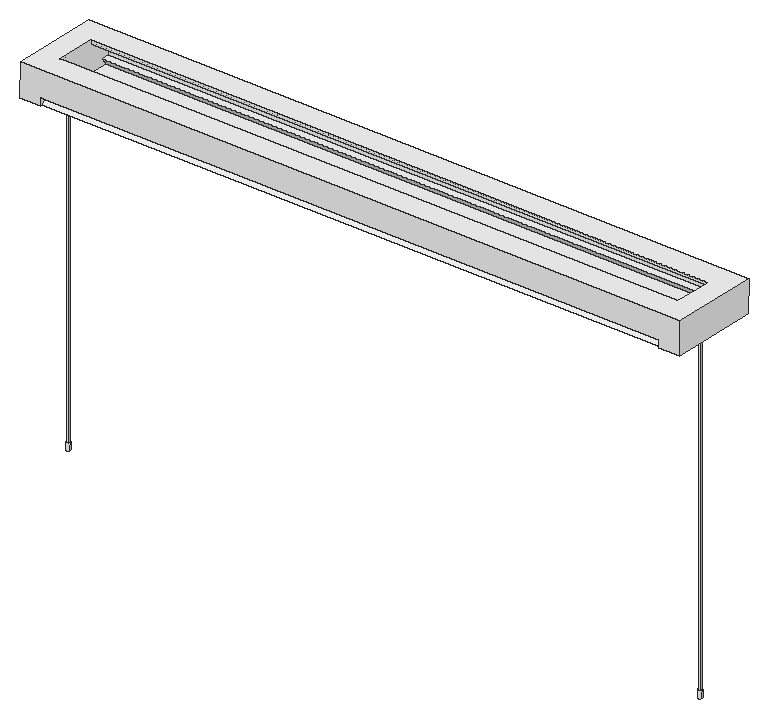
Revit family "Rail-P", category Lighting Fixtures, host Face, Revit 2014
Parameters (values of type "Rail-P-04")
  Wattage = 2.5 W
  Warranty = "5-Years Warranty"
  built-in parameter 1150110 = 1 (stored number, unit not read)
  Voltage = 120 V
  Uplight distribution = "Standard/Low Peak Angle"  # constant formula
  Type Comments = "Lighting Fixture"  # constant formula
  built-in parameter 1114217 = 1 (stored number, unit not read)
  Tilt Angle = -90.00°
  built-in parameter 1150109 = 1 (stored number, unit not read)
  built-in parameter 1150134 = (empty or 0)
  built-in parameter 1150113 = 1 (stored number, unit not read)
  Product Page URL = "https://www.hubbell.com/litecontrol/en/Products/Lighting-Controls/Commercial-Indoor-Lighting/Pendant-Lighting/Rail-LED-Pendant-IndirectDirect/p/277699"
  Product Documentation Link = "https://hubbellcdn.com/specsheet/12l_p.pdf"
  Power Factor = 1
  Photometric Web File = "11L-P-ID-LPA-04-SOF-Cx-35K-I025-D015.ies"
  Photometric Notes = "More IES files download on Photometric Link"  # constant formula
  Photometric Link = "https://www.hubbell.com/litecontrol/en/Products/Lighting-Controls/Commercial-Indoor-Lighting/Pendant-Lighting/Rail-LED-Pendant-IndirectDirect/p/277699"
  Pendant Height [instance] = 2' - 0"
  zz Length 1 = 4' - 0"
  Wattage Comments = ""
  URL = "https://www.hubbell.com/litecontrol/en/"
  Mounting = "Pendant"  # constant formula
  Model = "Rail-12L"  # constant formula
  Manufacturer = "Litecontrol Lighting"  # constant formula
  built-in parameter 1150105 = 23.674 (stored number, unit not read)
  Lumens = 297.5 lm
  built-in parameter 1150115 = 1 (stored number, unit not read)
  Load Classification = Lighting
  built-in parameter 1150137 = (empty or 0)
  built-in parameter 1150139 = (empty or 0)
  built-in parameter 1150112 = 1 (stored number, unit not read)
  built-in parameter 1150114 = 1 (stored number, unit not read)
  Lamp = "LED"  # constant formula
  built-in parameter 1150132 = (empty or 0)
  built-in parameter 1150102 = (empty or 0)
  built-in parameter 1150107 = 3500 (stored number, unit not read)
  built-in parameter 1150138 = (empty or 0)
  built-in parameter 1150106 = 0.23674 (stored number, unit not read)
  Glass = Glass - Hubbell - White
  Fixture Distribution = "Indirect/Direct"  # constant formula
  Emit from Rectangle Width = zz Length 1 - 0' 4"  # 3' - 8"
  Emit from Rectangle Length = 0' - 2 1/2"  # constant formula
  Emit Shape Visible in Rendering = no
  built-in parameter 1150104 = 11.055 (stored number, unit not read)
  Downlight Diffuser = "Soft Glow Lens/Blade Baffle with Overlay"  # constant formula
  Dimming Lamp Color Temperature Shift = <None>
  Description = "Rail LED Pendant Indirect/Direct"  # constant formula
  Default Elevation = 4' - 0"
  Create Date = "05/22/2018"  # constant formula
  Copyright = "Copyright © 2018 Litecontrol"  # constant formula
  Contact Us = "https://www.hubbell.com/litecontrol/en/contactUs"
  Color Filter = 16777215
  built-in parameter 1114218 = 1 (stored number, unit not read)
  Housing Material = Paint - Hubbell - Matte White
  built-in parameter 1150133 = 10 (stored number, unit not read)
  Assembly Code = "D5020200"
  Apparent Load = 0 VA
Types (5): name | zz Length 1 | Emit from Rectangle Width
  (no name) | 4' - 0" | 3' - 8"
  Rail-P-04 | 4' - 0" | 3' - 8"
  Rail-P-03 | 3' - 0" | 2' - 8"
  Rail-P-06 | 6' - 0" | 5' - 8"
  Rail-P-08 | 8' - 0" | 7' - 8"
Reference planes (in)
  plane 1 "Center (Front/Back)": y = 13.01342
  plane 2: z = 0
  plane 3 "Center (Left/Right)": x = 0
  plane 4: z = 24
  plane 5: x = -24
  plane 6: x = 24
  plane 7: x = -23
  plane 8: x = 23
  plane 9: z = 0.5
  plane 10: z = 25
Forms (in)
  Revolve 1, solid, material "Paint - Hubbell - Matte White" <- "Housing Material"
    sketch origin (-5.75, 13.01342, 0) x (-1, 0, 0) y (0, 0, 1)
      loop
        line (-28.75, 24) -> (-28.75, 0) -> (-28.625, 0) -> (-28.625, 0.5) -> (-28.6875, 0.5) -> (-28.6875, 23.5) -> (-28.625, 23.5) -> (-28.625, 24) -> (-28.75, 24)
      axis (-28.75, 24) -> (-28.75, 0)
    angle from 0 to 360
  Revolve 2, solid, material "Paint - Hubbell - Matte White" <- "Housing Material"
    sketch origin (5.75, 13.01342, 0) x (1, 0, 0) y (0, 0, 1)
      loop
        line (-28.75, 24) -> (-28.75, 0) -> (-28.625, 0) -> (-28.625, 0.5) -> (-28.6875, 0.5) -> (-28.6875, 23.5) -> (-28.625, 23.5) -> (-28.625, 24) -> (-28.75, 24)
      axis (-28.75, 24) -> (-28.75, 0)
    angle from 0 to 360
Dimensions and locks (in)
  "Pendant Height": plane 4 to level
  equal spacing: plane 6, plane 3 "Center (Left/Right)", plane 5
  "zz Length 1": plane 6 to plane 5
  locked: plane 9 to plane 2 at 0.5
  locked: plane 7 to plane 5 at 1
  plane 6 to plane 8 = 0' - 1"
  locked: plane 10 to plane 4 at 1
  aligned and locked: plane 2 to host face
  aligned and locked: level to host face
  aligned and locked: Revolve 1 sketch curve to Revolve 1 sketch curve
  aligned and locked: Revolve 1 sketch curve to plane 8
  aligned and locked: Revolve 1 sketch curve to level
  aligned and locked: plane 3 "Center (Left/Right)" to nested 1
  aligned and locked: plane 1 "Center (Front/Back)" to nested 1
  aligned and locked: Revolve 2 sketch curve to Revolve 2 sketch curve
  aligned and locked: plane 9 to Revolve 2
  aligned and locked: Revolve 1 to plane 9
  aligned and locked: plane 10 to imposter light
  aligned and locked: plane 3 "Center (Left/Right)" to imposter light
  aligned and locked: plane 4 to Revolve 2
  aligned and locked: plane 4 to Revolve 1 sketch curve
Automatic sketch dimensions
  host sketch curve to host sketch curve = 8' - 0"  (x2)
  Revolve 2 sketch curve to plane 7 = 0' - 0"
  plane 9 to Revolve 2 sketch curve = 0' - 0"
  Revolve 2 sketch curve to level = 0' - 0"
  Revolve 2 sketch curve to plane 4 = 0' - 0"
  plane 7 to Revolve 2 sketch curve = 0' - 0 1/16"
  plane 7 to Revolve 2 sketch curve = 0' - 0 1/8"
  Revolve 2 sketch curve to Revolve 2 sketch curve = 0' - 0 1/16"
  plane 9 to Revolve 2 sketch curve = 0' - 0.66777"
  Revolve 2 sketch curve to Revolve 2 sketch curve = 0' - 9.83778"
  Revolve 2 sketch curve to plane 4 = 0' - 0 1/2"
  Revolve 1 sketch curve to plane 9 = 0' - 0"
  plane 8 to Revolve 1 sketch curve = 0' - 0 1/16"
  plane 8 to Revolve 1 sketch curve = 0' - 0 1/8"
  Revolve 1 sketch curve to Revolve 1 sketch curve = 0' - 0 1/16"
  plane 4 to Revolve 1 sketch curve = 0' - 0 1/2"
  Revolve 1 sketch curve to plane 9 = 0' - 0.66777"
  Revolve 1 sketch curve to Revolve 1 sketch curve = 0' - 9.83778"
Nested families (in)
  nested 1: "12L" at (-0.01104, 12.97343, 24), Glass <- "Glass", Backbox <- "Housing Material", Length <- "zz Length 1", type "12L"
    with Length 4' - 0", Glass Glass - Hubbell - White, Backbox Paint - Hubbell - Matte White
Connectors (in)
  electrical at (0, 13.01342, 24), driven by "Load Classification", driven by "Voltage", driven by "Apparent Load", driven by "Apparent Load", driven by "Power Factor"
    settings: on nested 1, index 1, voltage 120 V, apparent load 0 VA, apparent load phase1 0 VA, apparent load phase2 0 VA, apparent load phase3 0 VA, power factor 1, load classification "Lighting", number of poles 1, system type 30, power factor state 1, is connector primary yes, connector utility no, sub classification motor no, connector description "Electrical Connector"
Definition of nested family "12L"
  Parameters (values of type "12L")
    Wattage Comments = ""
    URL = ""
    Product Page URL = ""
    Product Documentation Link = ""
    Model = ""
    Manufacturer Phone = ""
    Manufacturer Fax = ""
    Manufacturer = ""
    Length [instance] = 4' - 0"
    Lamp = ""
    Glass [instance] = none
    Description = ""
    Default Elevation = 4' - 0"
    Backbox [instance] = none
  Reference planes (in)
    plane 1 "Center (Front/Back)": y = 0.03999
    plane 2: z = 0
    plane 3 "Center (Left/Right)": x = 0.01104
    plane 4: y = 8.13374
    plane 5: y = -8.05376
    plane 6: z = 2.289
    plane 7: z = 2.164
    plane 8: x = -23.98896
    plane 9: x = 24.01104
    plane 10: x = -22.48896
    plane 11: x = 22.51104
    plane 12: y = 1.41499
    plane 13: y = -1.33501
    plane 14: z = 0.125
    plane 15: y = -3.08501
    plane 16: y = 3.16499
    plane 17: z = 2.039
    plane 18: y = 3.03999
    plane 19: y = -2.96001
    plane 20: z = 0.625
    plane 21: z = 0.5
    plane 22: through (0, 2.70051, 0.5) normal (0, -0.8273, -0.5617)
    plane 23: through (0, -2.96001, 0) normal (0, 0.8273, -0.5617)
    plane 24: through (0, 2.80403, 0.125) normal (0, 0.8273, 0.5617)
    plane 25: through (0, -2.38457, 0.625) normal (0, -0.8273, 0.5617)
  Forms (in)
    Extrusion 1, solid
      sketch origin (0, 0, 0.06357) x (1, 0, 0) y (0, 1, 0)
        loop
          line (-48, 48) -> (-48, -48) -> (48, -48) -> (48, 48) -> (-48, 48)
      from -0.06357 to -12.81105
    Extrusion 2, solid, material <- "Backbox"
      sketch origin (22.51104, -180, 29.46954) x (0, 0, 1) y (0, -1, 0)
        loop
          line (-27.18054, -183.16499) -> (-27.18054, -176.91499) -> (-29.46954, -176.91499) -> (-29.46954, -183.16499) -> (-27.18054, -183.16499)
      from 0 to 1.5
    Extrusion 3, solid, material <- "Backbox"
      sketch origin (-22.48896, -180, 28.85133) x (0, 0, 1) y (0, -1, 0)
        loop
          line (-26.56233, -183.16499) -> (-26.56233, -176.91499) -> (-28.85133, -176.91499) -> (-28.85133, -183.16499) -> (-26.56233, -183.16499)
      from 0 to -1.5
    Extrusion 4, solid, material <- "Glass"
      sketch origin (-23.78896, 8.13374, 2) x (0, -1, 0) y (1, 0, 0)
        loop
          line (6.71875, 1.3) -> (9.46875, 1.3) -> (9.46875, 46.3) -> (6.71875, 46.3) -> (6.71875, 1.3)
      from 0.164 to -1.875
    Extrusion 5, solid, material <- "Backbox"
      sketch origin (0.01104, 0, 0) x (0, 1, 0) y (0, 0, 1)
        loop
          line (3.16499, 2.289) -> (1.41499, 2.289) -> (1.41499, 2.039) -> (3.03999, 2.039) -> (3.03999, 0.625) -> (2.46455, 0.625) -> (2.80403, 0.125) -> (1.41499, 0.125) -> (1.41499, 0) -> (3.03999, 0) -> (2.70051, 0.5) -> (3.16499, 0.5) -> (3.16499, 2.289)
        loop
          line (-2.96001, 0) -> (-1.33501, 0) -> (-1.33501, 0.125) -> (-2.72405, 0.125) -> (-2.38457, 0.625) -> (-2.96001, 0.625) -> (-2.96001, 2.039) -> (-1.33501, 2.039) -> (-1.33501, 2.289) -> (-3.08501, 2.289) -> (-3.08501, 0.5) -> (-2.62053, 0.5) -> (-2.96001, 0)
      from -22.5 to 22.5
  Cuts and joins
    joined: Extrusion 2, Extrusion 3, Extrusion 5
  Dimensions and locks (in)
    locked: plane 6 to Extrusion 1 at 2.289
    locked: plane 6 to plane 7 at 0.125
    "Length": plane 9 to plane 8
    locked: plane 10 to plane 8 at 1.5
    locked: plane 9 to plane 11 at 1.5
    equal spacing: plane 9, plane 3 "Center (Left/Right)", plane 8
    locked: plane 14 to Extrusion 1 at 0.125
    locked: plane 12 to plane 13 at 2.75
    equal spacing: plane 12, plane 1 "Center (Front/Back)", plane 13
    plane 16 to plane 1 "Center (Front/Back)" to plane 15 = 0' - 3 1/8", 0' - 3 1/8"
    locked: plane 7 to plane 17 at 0.125
    locked: plane 16 to plane 18 at 0.125
    locked: plane 19 to plane 15 at 0.125
    plane 20 to plane 21 to Extrusion 1 = 0' - 0 1/8" locked, 0' - 0 1/2" locked
    locked: plane 24 to plane 22 at 0.125
    locked: plane 23 to plane 25 at 0.125
    locked: Extrusion 1 to plane 22 (angle 55.8249°)
    locked: plane 23 to Extrusion 1 (angle 55.8249°)
    aligned and locked: plane 2 to Extrusion 1
    aligned and locked: plane 9 to cut or joined group of Extrusion 2, Extrusion 3, Extrusion 5
    aligned and locked: cut or joined group of Extrusion 2, Extrusion 3, Extrusion 5 to plane 8
    aligned and locked: Extrusion 5 to plane 10
    aligned and locked: plane 11 to Extrusion 5
    aligned and locked: plane 12 to Extrusion 4 sketch curve
    aligned and locked: plane 13 to Extrusion 4 sketch curve
    aligned and locked: Extrusion 3 to Extrusion 4
    aligned and locked: Extrusion 2 to Extrusion 4
    aligned and locked: Extrusion 2 to plane 11
    aligned and locked: plane 6 to Extrusion 5 sketch curve
    aligned and locked: plane 16 to Extrusion 5 sketch curve
    aligned and locked: Extrusion 5 sketch curve to level
    aligned and locked: Extrusion 5 sketch curve to plane 15
    aligned and locked: Extrusion 5 sketch curve to plane 17  (x2)
    aligned and locked: plane 14 to Extrusion 5 sketch curve
    aligned and locked: plane 7 to Extrusion 4
    aligned and locked: Extrusion 5 sketch curve to plane 21
    aligned and locked: plane 21 to Extrusion 5 sketch curve
    aligned and locked: plane 23 to Extrusion 5 sketch curve
    aligned and locked: Extrusion 5 sketch curve to plane 22
    aligned and locked: plane 19 to Extrusion 5
    aligned and locked: plane 18 to Extrusion 5
    aligned and locked: plane 24 to Extrusion 5 sketch curve
    aligned and locked: Extrusion 5 sketch curve to plane 25
    aligned and locked: Extrusion 3 sketch curve to Extrusion 5  (x2)
    aligned and locked: Extrusion 3 sketch curve to plane 15
    aligned and locked: Extrusion 3 to level
    aligned and locked: Extrusion 2 sketch curve to cut or joined group of Extrusion 2, Extrusion 3, Extrusion 5  (x4)
    aligned and locked: plane 10 to Extrusion 3
    aligned and locked: Extrusion 4 to cut or joined group of Extrusion 2, Extrusion 3, Extrusion 5
  Automatic sketch dimensions
    Extrusion 1 sketch curve to Extrusion 1 sketch curve = 8' - 0"  (x2)
    plane 10 to Extrusion 4 sketch curve = 0' - 0"
    Extrusion 4 sketch curve to plane 11 = 0' - 0"
    Extrusion 3 sketch curve to level = 0' - 0"
    Extrusion 5 sketch curve to plane 19 = 0' - 0"
    Extrusion 5 sketch curve to plane 20 = 0' - 0"  (x2)
    Extrusion 5 sketch curve to plane 13 = 0' - 0"  (x2)
    Extrusion 5 sketch curve to plane 12 = 0' - 0"  (x2)
    Extrusion 5 sketch curve to plane 18 = 0' - 0"
    Extrusion 5 sketch curve to plane 6 = 0' - 0"
    Extrusion 5 sketch curve to plane 14 = 0' - 0"
    Extrusion 5 sketch curve to level = 0' - 0"
